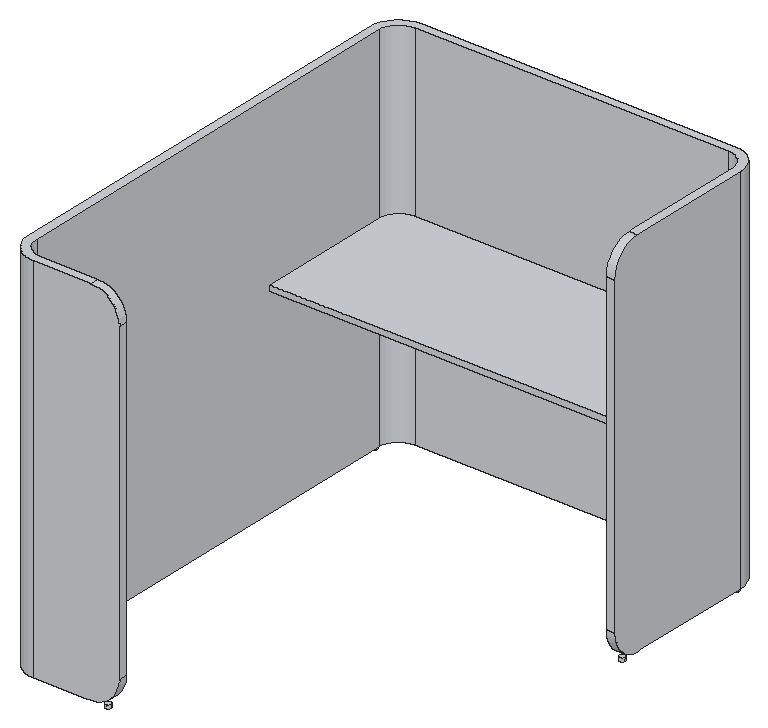
Revit family "Focus Pod", category Furniture, Revit 2024
Family settings
  OmniClass Number = 23.40.20.00
  OmniClass Title = General Furniture and Specialties
  Work Plane-Based = No
  Enable Cutting in Views = No
  Always vertical = Yes
  Cut with Voids When Loaded = No
  Render Appearance Source = Family Geometry
  Shared = Yes
  Room Calculation Point = Yes
Parameters
  Pod Material = none
  EA_Repath [instance] = 0 mm
  Default Elevation = 0 mm
Reference planes
  plane 1 "Center (Front/Back)": y = 0
  plane 2: z = 0
  plane 3 "Center (Left/Right)": x = 0
  plane 4: y = 850
  plane 5: y = -850
  plane 6: x = -650
  plane 7: x = 650
Forms (mm)
  Extrusion 1, solid, material <- "Pod Material"
    sketch origin (0, 0, 0) x (1, 0, 0) y (0, 1, 0)
      loop
        line (650, 200) -> (650, 750)
        arc (650, 750) -> (620.711, 820.711) -> (550, 850) r 100
        line (550, 850) -> (-550, 850)
        arc (-550, 850) -> (-620.711, 820.711) -> (-650, 750) r 100
        line (-650, 750) -> (-650, -750)
        arc (-650, -750) -> (-620.711, -820.711) -> (-550, -850) r 100
        line (-550, -850) -> (-250, -850) -> (-250, -820) -> (-550, -820)
        arc (-550, -820) -> (-599.497, -799.497) -> (-620, -750) r 70
        line (-620, -750) -> (-620, 750)
        arc (-620, 750) -> (-599.497, 799.497) -> (-550, 820) r 70
        line (-550, 820) -> (550, 820)
        arc (550, 820) -> (599.497, 799.497) -> (620, 750) r 70
        line (620, 750) -> (620, 200) -> (650, 200)
    from 10 to 1320
  Extrusion 2, solid
    sketch origin (0, 0, 0) x (1, 0, 0) y (0, 1, 0)
      loop
        circle (635, 250) r 10
      loop
        circle (635, 750) r 10
      loop
        circle (-635, 750) r 10
      loop
        circle (-635, -750) r 10
      loop
        circle (-300, -835) r 10
    from 0 to 10
  Extrusion 3, void
    sketch origin (0, 0, 0) x (1, 0, 0) y (0, 0, 1)
      loop
        arc (-350, 1320) -> (-279.289, 1290.711) -> (-250, 1220) r 100
        line (-250, 1220) -> (-250, 1215) -> (-190, 1215) -> (-190, 1390) -> (-365, 1390) -> (-365, 1320) -> (-350, 1320)
      loop
        line (-350, 10) -> (-365, 10) -> (-365, -60) -> (-190, -60) -> (-190, 115) -> (-250, 115) -> (-250, 110)
        arc (-250, 110) -> (-279.289, 39.289) -> (-350, 10) r 100
    from 758.444 to 923.3
  Extrusion 4, void
    sketch origin (1475.872, -50, 0) x (0, -1, 0) y (0, 0, 1)
      loop
        arc (-350, 1320) -> (-279.289, 1290.711) -> (-250, 1220) r 100
        line (-250, 1220) -> (-250, 1215) -> (-190, 1215) -> (-190, 1390) -> (-365, 1390) -> (-365, 1320) -> (-350, 1320)
      loop
        line (-350, 10) -> (-365, 10) -> (-365, -60) -> (-190, -60) -> (-190, 115) -> (-250, 115) -> (-250, 110)
        arc (-250, 110) -> (-279.289, 39.289) -> (-350, 10) r 100
    from 758.444 to 923.3
  Extrusion 5, solid
    sketch origin (0, 0, 0) x (1, 0, 0) y (0, 1, 0)
      loop
        line (-620, 750) -> (-620, 270) -> (620, 270) -> (620, 750)
        arc (620, 750) -> (599.497, 799.497) -> (550, 820) r 70
        line (550, 820) -> (-550, 820)
        arc (-550, 820) -> (-599.497, 799.497) -> (-620, 750) r 70
    from 710 to 730
Cuts and joins
  Extrusion 3, Extrusion 4 cuts Extrusion 1
Dimensions and locks
  equal spacing: plane 6, plane 3 "Center (Left/Right)", plane 7
  plane 6 to plane 7 = 1300 mm
  equal spacing: plane 4, plane 1 "Center (Front/Back)", plane 5
  plane 4 to plane 5 = 1700 mm
  aligned and locked: level to plane 2
Automatic sketch dimensions
  Extrusion 1 sketch curve to Extrusion 1 sketch curve = 0 mm  (x6)
  Extrusion 1 sketch curve to plane 6 = 0 mm
  Extrusion 1 sketch curve to plane 4 = 0 mm
  Extrusion 1 sketch curve to plane 5 = 0 mm
  Extrusion 1 sketch curve to plane 7 = 0 mm
  Extrusion 1 sketch curve to Extrusion 1 sketch curve = 30 mm
  plane 6 to Extrusion 1 sketch curve = 100 mm
  Extrusion 1 sketch curve to Extrusion 1 sketch curve = 70 mm
  Extrusion 1 sketch curve to plane 3 "Center (Left/Right)" = 250 mm
  Extrusion 1 sketch curve to plane 7 = 100 mm
  Extrusion 1 sketch curve to plane 1 "Center (Front/Back)" = 200 mm
  plane 6 to Extrusion 2 sketch curve = 15 mm  (x2)
  plane 5 to Extrusion 2 sketch curve = 15 mm
  Extrusion 2 sketch curve to plane 3 "Center (Left/Right)" = 300 mm
  Extrusion 2 sketch curve to plane 7 = 15 mm  (x2)
  plane 5 to Extrusion 2 sketch curve = 100 mm
  Extrusion 2 sketch curve to plane 1 "Center (Front/Back)" = 250 mm
  Extrusion 2 sketch curve to plane 4 = 100 mm  (x2)
  Extrusion 3 sketch curve to level = 60 mm
  plane 6 to Extrusion 3 sketch curve = 285 mm  (x2)
  Extrusion 3 sketch curve to Extrusion 3 sketch curve = 15 mm  (x2)
  Extrusion 3 sketch curve to Extrusion 3 sketch curve = 100 mm  (x2)
  Extrusion 3 sketch curve to Extrusion 3 sketch curve = 160 mm
  Extrusion 3 sketch curve to Extrusion 3 sketch curve = 60 mm
  level to Extrusion 3 sketch curve = 10 mm
  Extrusion 3 sketch curve to Extrusion 3 sketch curve = 5 mm  (x2)
  Extrusion 3 sketch curve to Extrusion 3 sketch curve = 1100 mm
  Extrusion 3 sketch curve to Extrusion 3 sketch curve = 70 mm
  plane 5 to Extrusion 4 sketch curve = 1165 mm  (x2)
  plane 5 to Extrusion 4 sketch curve = 1150 mm
  Extrusion 4 sketch curve to Extrusion 4 sketch curve = 15 mm
  plane 5 to Extrusion 4 sketch curve = 1050 mm  (x2)
  plane 5 to Extrusion 4 sketch curve = 990 mm
  Extrusion 4 sketch curve to Extrusion 4 sketch curve = 60 mm
  Extrusion 4 sketch curve to level = 60 mm
  level to Extrusion 4 sketch curve = 10 mm
  Extrusion 4 sketch curve to Extrusion 4 sketch curve = 5 mm  (x2)
  Extrusion 4 sketch curve to Extrusion 4 sketch curve = 1100 mm
  Extrusion 4 sketch curve to Extrusion 4 sketch curve = 70 mm
  plane 6 to Extrusion 5 sketch curve = 30 mm
  Extrusion 5 sketch curve to plane 4 = 30 mm
  Extrusion 5 sketch curve to Extrusion 5 sketch curve = 70 mm
  Extrusion 5 sketch curve to plane 7 = 100 mm
  Extrusion 5 sketch curve to plane 7 = 30 mm
  Extrusion 5 sketch curve to plane 1 "Center (Front/Back)" = 270 mm
  radius of Extrusion 2 sketch curve = 10 mm  (x5)
